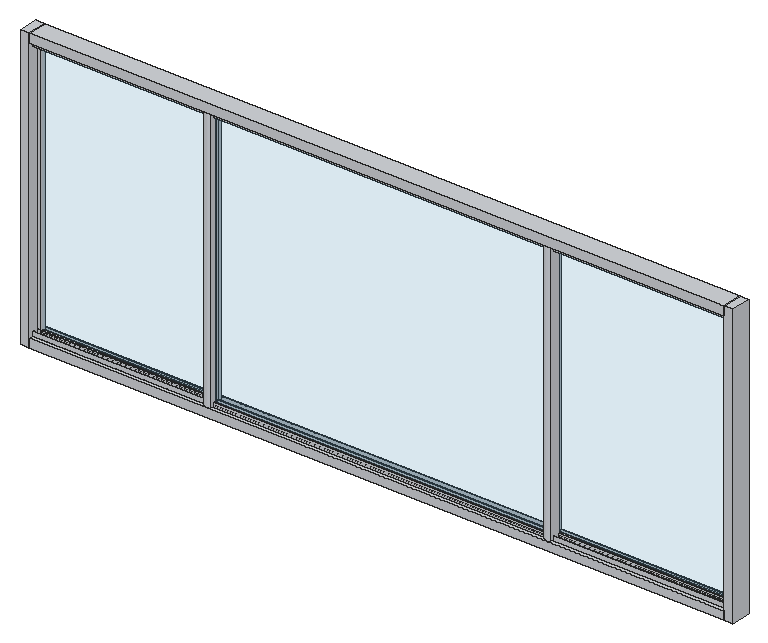
Revit family "View-Max® Commercial Sliding Window_SG&DG- XOX", category Windows, host Wall, Revit 2021
Family settings
  Host = Wall
  OmniClass Number = 23.30.20.00
  OmniClass Title = Windows
  Always vertical = Yes
  Cut with Voids When Loaded = No
  Shared = No
  Room Calculation Point = No
Parameters (values of type "OX/XO")
  YEAR = "2022"  # constant formula
  Width = 0.0000 mm  # constant formula
  URL = "https://www.alspec.com.au/view-max-sliding-window"
  Thickness = 0.0000 mm  # constant formula
  Sliding Panel Width [instance] = 900.0000 mm
  Single Glazed Thickness (6-13.5mm) [instance] = 5.0000 mm
  Single Glazed [instance] = not(Double Glazed)  # no
  Sill Offset 2 [instance] = 15.9930 mm  # constant formula
  Sill Offset [instance] = 6.0000 mm  # constant formula
  Sash Material [instance] = none
  Rough Width = 0.0000 mm  # constant formula
  Rough Height = 0.0000 mm  # constant formula
  Overall Width [instance] = (Sliding Panel Width * 2) + Fixed Panel Width  # 3600.0000 mm
  Offset [instance] = 0.0000 mm
  Meeting 1 = 16.8131 mm  # constant formula
  Overall Height [instance] = 1458.0000 mm
  Model = "View-Max® Commercial Sliding Window_SG&DG- XOX"  # constant formula
  Manufacturer = "ALSPEC"
  Height = 0.0000 mm  # constant formula
  Head Offset 2 [instance] = 84.8025 mm  # constant formula
  Head Offset [instance] = 75.0000 mm  # constant formula
  Glazed Material [instance] = Glass
  Frame Material [instance] = none
  Fixed Panel Width [instance] = Sliding Panel Width * 2  # 1800.0000 mm
  External Frame Thk = 44.5000 mm  # constant formula
  Double Glazed Thickness [instance] = 18.0000 mm
  Double Glazed [instance] = yes
  Define Thermal Properties by = Schematic Type
  Default Sill Height = 720.0000 mm
  Wall Closure = By host
  CREATOR = "Viraj Mhatre"  # constant formula
  COMPANY = "ALSPEC"  # constant formula
  Analytic Construction = "<None>"
  Air Pocket (Double Glazing Only) [instance] = 8.0000 mm  # constant formula
  XOX [instance] = no
Reference planes
  plane 1 "Center (Front/Back)": y = 0
  plane 2 "Center (Left/Right)": x = 0
  plane 3 "Left": x = -1144.394
  plane 4 "Right": x = 2455.606
  plane 5 "Sill": z = 720
  plane 6 "Head": z = 2178
  plane 7 "Exterior": y = -63.542
  plane 8 "Interior": y = -263.542
  plane 9: y = -114.342
  plane 10: z = 35.5
  plane 11: y = 14
  plane 12 "FRAME CENTRE": y = 42
  plane 13: y = -98.593
  plane 14: x = -1144.394
  plane 15: x = 2455.606
  plane 16: x = 2455.606
  plane 17: x = -1188.894
  plane 18: x = 2500.106
  plane 19: z = 2129.999
  plane 20: z = 2110
  plane 21: z = 935.5
  plane 22: z = 516.113
  plane 23: z = 1267
  plane 24: x = -694.394
  plane 25: x = 2005.606
  plane 26: y = -24.342
  plane 27: z = 1522.75
  plane 28: y = -114.342
  plane 29: y = -130.095
  plane 30: x = -1140.894
  plane 31: x = 2452.106
  plane 32: y = -63.542
  plane 33: z = 1247.302
  plane 34: z = 710.141
  plane 35: z = 767.302
  plane 36: x = -244.394
  plane 37: x = 1555.606
  plane 38: x = 1527.106
  plane 39: x = -215.894
Forms (mm)
  Extrusion 1, solid, material <- "Frame Material"
    sketch origin (0, 0, 0) x (1, 0, 0) y (0, 1, 0)
      loop
        line (-1144.394, -63.542) -> (-1188.894, -63.542) -> (-1188.894, -165.142) -> (-1144.394, -165.142) -> (-1144.394, -63.542)
      loop
        line (2500.106, -63.542) -> (2455.606, -63.542) -> (2455.606, -165.142) -> (2500.106, -165.142) -> (2500.106, -63.542)
    from 720 to 2178
  Extrusion 2, solid, material <- "Frame Material"
    sketch origin (-1144.394, 0, 0) x (0, -1, 0) y (0, 0, 1)
      loop
        line (63.494, 2178) -> (63.494, 2133.6) -> (81.794, 2133.6) -> (81.794, 2110) -> (83.594, 2110) -> (83.594, 2129.999) -> (113.494, 2129.999) -> (113.494, 2110) -> (115.094, 2110) -> (115.094, 2129.999) -> (144.994, 2129.999) -> (144.994, 2110) -> (146.794, 2110) -> (146.794, 2133.6) -> (165.094, 2133.6) -> (165.094, 2178) -> (63.494, 2178)
      loop
        line (63.595, 764.4) -> (63.595, 720) -> (165.195, 720) -> (165.195, 764.4) -> (146.695, 764.4) -> (146.695, 787) -> (145.095, 787) -> (145.095, 767.302) -> (115.195, 767.302) -> (115.195, 787) -> (113.595, 787) -> (113.595, 767.302) -> (83.695, 767.302) -> (83.695, 787) -> (82.095, 787) -> (82.095, 764.4) -> (63.595, 764.4)
    from -3600 to 0
Lines and regions (mm)
  Opening 1
    outline origin (3600, -263.542, 75) x (1, 0, 0) y (0, 0, 1)
      loop
        line (-1099.894, 645) -> (-1099.894, 2103) -> (-4788.894, 2103) -> (-4788.894, 645) -> (-1099.894, 645)
  Masking region 1
    outline origin (0, 0, 0) x (1, 0, 0) y (0, 1, 0)
      loop
        line (-1144.394, -63.542) -> (-1188.894, -63.542) -> (-1188.894, -165.142) -> (-1144.394, -165.142) -> (-1144.394, -63.542)
      loop
        line (2500.106, -63.542) -> (2455.606, -63.542) -> (2455.606, -165.142) -> (2500.106, -165.142) -> (2500.106, -63.542)
  Masking region 2
    outline origin (-1144.394, 0, 0) x (0, -1, 0) y (0, 0, 1)
      loop
        line (63.494, 2178) -> (63.494, 2133.6) -> (81.794, 2133.6) -> (81.794, 2110) -> (83.594, 2110) -> (83.594, 2129.999) -> (113.494, 2129.999) -> (113.494, 2110) -> (115.094, 2110) -> (115.094, 2129.999) -> (144.994, 2129.999) -> (144.994, 2110) -> (146.794, 2110) -> (146.794, 2133.6) -> (165.094, 2133.6) -> (165.094, 2178) -> (63.494, 2178)
      loop
        line (63.595, 720) -> (165.195, 720) -> (165.195, 764.4) -> (146.695, 764.4) -> (146.695, 787) -> (145.095, 787) -> (145.095, 767.302) -> (115.195, 767.302) -> (115.195, 787) -> (113.595, 787) -> (113.595, 767.302) -> (83.695, 767.302) -> (83.695, 787.128) -> (82.095, 787.128) -> (82.095, 764.4) -> (63.595, 764.4) -> (63.595, 720)
Text (mm)
  text "EXTERIOR" at (-1886.484, -724.686, 0), in view "Ref. Level"
  text "INTERIOR" at (-1963.203, 1176.318, 0), in view "Ref. Level"
  text "Exterior" at (0, 923.751, 2943.296), in view "Right"
  text "Exterior" at (0, 1040.484, 2685.409), in view "Left"
Dimensions and locks
  "Overall Height": plane 5 "Sill" to plane 6 "Head"
  plane 5 "Sill" to plane 10 = 684.5000 mm
  locked: plane 7 "Exterior" to host wall
  locked: plane 8 "Interior" to host wall
  "Offset": plane 32 to plane 7 "Exterior"
  "External Frame Thk": plane 4 "Right" to plane 18
  locked: plane 26 to plane 9 at 90
  "External Frame Thk": plane 17 to plane 14
  locked: plane 14 to plane 30 at 3.5
  locked: plane 31 to plane 16 at 3.5
  locked: plane 19 to plane 6 "Head" at 48.001
  locked: plane 19 to plane 20 at 19.999
  locked: plane 10 to level at 35.5
  locked: plane 21 to plane 10 at 900
  equal spacing: plane 20, plane 27, plane 21
  "Default Sill Height": plane 5 "Sill" to level
  locked: plane 28 to plane 32 at 50.8
  locked: plane 9 to plane 28
  locked: plane 28 to plane 29 at 15.753
  locked: plane 13 to plane 28 at 15.749
  locked: plane 5 "Sill" to plane 35 at 47.302
  "Sliding Panel Width": plane 14 to plane 36
  "Sliding Panel Width": plane 37 to plane 16
  "Fixed Panel Width": plane 36 to plane 37
  plane 14 to plane 16 = 3600.0000 mm
  equal spacing: plane 14, plane 24, plane 36
  equal spacing: plane 37, plane 25, plane 16
  locked: plane 36 to plane 39 at 28.5
  locked: plane 38 to plane 37 at 28.5
  aligned and locked: Opening 1 sketch curve to plane 6 "Head"
  aligned and locked: plane 14 to plane 3 "Left"
  aligned and locked: plane 15 to plane 4 "Right"
  aligned and locked: plane 17 to Opening 1 sketch curve
  aligned and locked: plane 18 to Opening 1 sketch curve
  aligned and locked: Opening 1 sketch curve to plane 5 "Sill"
  aligned and locked: host wall to level
  aligned and locked: nested 1 to plane 26
  aligned and locked: plane 24 to nested 1
  aligned and locked: plane 25 to nested 2
  aligned and locked: plane 24 to nested 3
  aligned and locked: nested 4 to plane 25
  aligned and locked: nested 3 to plane 27
  aligned and locked: plane 27 to nested 4
  aligned and locked: nested 2 to plane 26
  aligned and locked: plane 16 to plane 4 "Right"
  aligned and locked: Extrusion 1 to plane 6 "Head"
  aligned and locked: plane 3 "Left" to Extrusion 2
  aligned and locked: Extrusion 2 to plane 4 "Right"
  aligned and locked: plane 5 "Sill" to Extrusion 1
  aligned and locked: nested 5 to plane 28
  aligned and locked: plane 17 to nested 5
  aligned and locked: Extrusion 1 sketch curve to nested 5  (x4)
  aligned and locked: Masking region 1 sketch curve to nested 5  (x4)
  aligned and locked: nested 6 to plane 18
  aligned and locked: nested 6 to plane 28
  aligned and locked: Extrusion 1 sketch curve to nested 6  (x4)
  aligned and locked: Masking region 1 sketch curve to nested 6  (x4)
  aligned and locked: nested 7 to plane 13
  aligned and locked: plane 6 "Head" to nested 7
  aligned and locked: Masking region 2 sketch curve to nested 7  (x12)
  aligned and locked: nested 7 to Masking region 2 sketch curve  (x3)
  aligned and locked: Extrusion 2 sketch curve to nested 7  (x12)
  aligned and locked: nested 7 to Extrusion 2 sketch curve  (x3)
  aligned and locked: plane 5 "Sill" to nested 8
  aligned and locked: nested 8 to plane 13
  aligned and locked: Masking region 2 sketch curve to nested 8  (x12)
  aligned and locked: nested 8 to Masking region 2 sketch curve  (x3)
  aligned and locked: Extrusion 2 sketch curve to nested 8  (x12)
  aligned and locked: nested 8 to Extrusion 2 sketch curve  (x4)
  aligned and locked: plane 35 to nested 9
  aligned and locked: plane 19 to nested 9
  aligned and locked: plane 36 to nested 10
  aligned and locked: plane 37 to nested 10
  aligned and locked: plane 31 to nested 11
  aligned and locked: plane 38 to nested 11
  aligned and locked: plane 39 to nested 9
  aligned and locked: plane 30 to nested 9
  aligned and locked: nested 9 to plane 13
  aligned and locked: plane 13 to nested 11
  aligned and locked: nested 10 to plane 29
  aligned and locked: plane 35 to nested 10
  aligned and locked: plane 19 to nested 10
  aligned and locked: nested 11 to plane 19
  aligned and locked: nested 11 to plane 35
  aligned and locked: plane 31 to nested 14
  aligned and locked: plane 38 to nested 14
  aligned and locked: plane 30 to nested 13
  aligned and locked: plane 39 to nested 13
  aligned and locked: plane 36 to nested 12
  aligned and locked: plane 37 to nested 12
  aligned and locked: nested 14 to plane 35
  aligned and locked: plane 35 to nested 13
  aligned and locked: plane 35 to nested 12
  aligned and locked: nested 14 to plane 19
  aligned and locked: plane 19 to nested 13
  aligned and locked: plane 19 to nested 12
  aligned and locked: nested 13 to plane 13
  aligned and locked: plane 13 to nested 14
  aligned and locked: nested 12 to plane 29
Automatic sketch dimensions
  Masking region 2 sketch curve to Masking region 2 sketch curve = 0.0000 mm  (x2)
  Extrusion 2 sketch curve to plane 19 = 0.0000 mm
Nested families
  nested 1: "DETAIL_ARROW2" at (-694.394, -24.342, 0), visible <- "XOX", type "DETAIL_ARROW2"
  nested 2: "DETAIL_ARROW2" at (2005.606, -24.342, 0) x (-1, 0, 0) z (0, 0, 1), visible <- "XOX", type "DETAIL_ARROW2"
  nested 3: "DETAIL_ARROW" at (-694.394, -263.542, 1522.75) x (1, 0, 0) z (0, -1, 0), visible <- "XOX", type "DETAIL_ARROW"
  nested 4: "DETAIL_ARROW" at (2005.606, -263.542, 1522.75) x (-1, 0, 0) z (0, -1, 0), visible <- "XOX", type "DETAIL_ARROW"
  nested 5: "Ext frame ME1 VM75" at (-1188.894, -114.342, 0), type "Ext frame ME1 VM75", detail levels fine
  nested 6: "Ext frame ME1 VM75" at (2500.106, -114.342, 0) x (-1, 0, 0) z (0, 0, 1), type "Ext frame ME1 VM75", detail levels fine
  nested 7: "Ext Head" at (-1144.394, -98.593, 2178) x (0, -1, 0) z (-1, 0, 0), type "Ext Head", detail levels fine
  nested 8: "Ext Sill" at (-1144.394, -98.593, 720) x (0, -1, 0) z (-1, 0, 0), type "Ext Sill", detail levels fine
  nested 9: "Panel 1 VM13 VM3" at (-678.394, -98.593, 767.302), visible <- "Single Glazed", Single Glazing Thickness <- "Single Glazed Thickness (6-13.5mm)", Glazing Material <- "Glazed Material", Sash Material <- "Sash Material", type "SLIDING_GLAZED PANEL"
    with Single Glazing Thickness 5.0000 mm, Sash Width 925.0000 mm, Sash Material none, Sash Height 1362.6977 mm, Glazing Material Glass, Actual SG Thickness (Manufacturer Controlled) 6.0000 mm
  nested 10: "Panel 2 Fixed- VM3 VM3" at (655.606, -130.095, 767.302), visible <- "Single Glazed", type "SLIDING_GLAZED PANEL"
    with Single Glazing Thickness 6.0000 mm, Sash Width 1800.0000 mm, Sash Material none, Sash Height 1362.6977 mm, Glazing Material Glass, Actual SG Thickness (Manufacturer Controlled) 6.0000 mm
  nested 11: "Panel 1 VM13 VM3" at (1989.606, -98.593, 767.302) x (-1, 0, 0) z (0, 0, 1), visible <- "Single Glazed", Single Glazing Thickness <- "Single Glazed Thickness (6-13.5mm)", Glazing Material <- "Glazed Material", Sash Material <- "Sash Material", type "SLIDING_GLAZED PANEL"
    with Single Glazing Thickness 5.0000 mm, Sash Width 925.0000 mm, Sash Material none, Sash Height 1362.6977 mm, Glazing Material Glass, Actual SG Thickness (Manufacturer Controlled) 6.0000 mm
  nested 12: "DG fixed panel 2 VM64 VM64" at (655.606, -130.095, 767.302), visible <- "Double Glazed", Double Glazing Thickness <- "Double Glazed Thickness", Double Glazed <- "Double Glazed", Glazing Material <- "Glazed Material", Sash Material <- "Sash Material", type "DG fixed panel 2 VM64 VM64"
    with Thickness Control 18.0000 mm, Sill Off 108.0000 mm, Sill 120.0000 mm, Sash Width 1800.0000 mm, Sash Material none, Height 1362.6977 mm, Head Off 68.0000 mm, Head 80.0000 mm, Glazing Material Glass, Double Glazing Thickness 18.0000 mm, Double Glazed yes, Air Pocket 8.0000 mm
  nested 13: "panel 1 VM63 VM64" at (-678.394, -98.593, 767.302), visible <- "Double Glazed", Double Glazing Thickness <- "Double Glazed Thickness", Double Glazed <- "Double Glazed", Glazing Material <- "Glazed Material", Sash Material <- "Sash Material", type "panel 1 VM63 VM64"
    with Thickness Control 18.0000 mm, Sill Off 108.0000 mm, Sill 120.0000 mm, Sash Width 925.0000 mm, Sash Material none, Height 1362.6977 mm, Head Off 68.0000 mm, Head 80.0000 mm, Glazing Material Glass, Double Glazing Thickness 18.0000 mm, Double Glazed yes, Air Pocket 8.0000 mm
  nested 14: "panel 1 VM63 VM64" at (1989.606, -98.593, 767.302) x (-1, 0, 0) z (0, 0, 1), visible <- "Double Glazed", Double Glazing Thickness <- "Double Glazed Thickness", Double Glazed <- "Double Glazed", Glazing Material <- "Glazed Material", Sash Material <- "Sash Material", type "panel 1 VM63 VM64"
    with Thickness Control 18.0000 mm, Sill Off 108.0000 mm, Sill 120.0000 mm, Sash Width 925.0000 mm, Sash Material none, Height 1362.6977 mm, Head Off 68.0000 mm, Head 80.0000 mm, Glazing Material Glass, Double Glazing Thickness 18.0000 mm, Double Glazed yes, Air Pocket 8.0000 mm
Definition of nested family "Panel 1 VM13 VM3"
  Parameters (values of type "SLIDING_GLAZED PANEL")
    YEAR = "2022"  # constant formula
    Width = 0.0000 mm  # constant formula
    Thickness = 0.0000 mm  # constant formula
    TODAYS DATE = "30/5/2022"  # constant formula
    Single Glazing Thickness [instance] = 6.0000 mm
    Sash Width [instance] = 1080.6423 mm
    Sash Material [instance] = none
    Sash Height [instance] = 1200.0000 mm
    Rough Width = 0.0000 mm  # constant formula
    Rough Height = 0.0000 mm  # constant formula
    JAMP WIDTH = 70.5049 mm  # constant formula
    Height = 0.0000 mm  # constant formula
    HEAD_JAMP HEIGHT = 80.0000 mm  # constant formula
    Glazing Material [instance] = none
    Define Thermal Properties by = 1
    Default Elevation = 1219.2000 mm
    CREATOR = "Viraj Mhatre"  # constant formula
    COMPANY = "ALSPEC"  # constant formula
    BOTTOM_JAMP HEIGHT = 120.0000 mm  # constant formula
    Analytic Construction = "<None>"
    Actual SG Thickness (Manufacturer Controlled) [instance] = if(Single Glazing Thickness > 13.5000 mm, 13.5000 mm, if(Single Glazing Thickness < 6.0000 mm, 6.0000 mm, Single Glazing Thickness))  # 6.0000 mm
  Reference planes
    plane 1 "Center (Front/Back)": y = 0
    plane 2: z = 0
    plane 3 "Center (Left/Right)": x = 0
    plane 4: x = -540.321
    plane 5: x = 540.321
    plane 6: x = -522.321
    plane 7: x = 522.321
    plane 8: z = 1200
    plane 9: z = 1180.174
    plane 10: z = 20.026
    plane 11: z = 810
    plane 12: x = -512.409
    plane 13: x = 512.407
    plane 14: z = 9.951
    plane 15: z = 1190.149
    plane 16: y = 22.5
    plane 17: y = 39.7
    plane 18: y = 3
    plane 19: y = -3
  Forms (mm)
    Extrusion 1, solid, material <- "Glazing Material"
      sketch origin (0, 0, 0) x (1, 0, 0) y (0, 1, 0)
        loop
          line (-522.321, 3) -> (-522.321, -3) -> (522.321, -3) -> (522.321, 3) -> (-522.321, 3)
      from 9.951 to 1190.149
    Extrusion 2, solid, material <- "Sash Material"
      sketch origin (0, 0, 0) x (1, 0, 0) y (0, 1, 0)
        loop
          line (-522.321, 13.505) -> (-540.321, 13.505) -> (-540.321, -13.395) -> (-522.321, -13.395) -> (-522.321, 13.505)
        loop
          line (522.321, 13.505) -> (522.321, -13.395) -> (540.321, -13.395) -> (540.321, 13.505) -> (522.321, 13.505)
      from 0 to 1200
    Extrusion 3, solid, material <- "Sash Material"
      sketch origin (0, 0, 0) x (0, 1, 0) y (0, 0, 1)
        loop
          line (8.029, 1200) -> (-8.12, 1200) -> (-13.595, 1194.524) -> (-13.595, 1179.974) -> (-6.195, 1179.974) -> (-6.195, 1188.074) -> (-11.995, 1188.074) -> (-11.995, 1192.73) -> (-6.325, 1192.73) -> (-6.325, 1198.4) -> (6.235, 1198.4) -> (6.235, 1192.73) -> (11.905, 1192.73) -> (11.905, 1188.074) -> (6.105, 1188.074) -> (6.105, 1179.974) -> (13.505, 1179.974) -> (13.505, 1194.524) -> (8.029, 1200)
        loop
          line (-8.029, 0) -> (8.12, 0) -> (13.595, 5.476) -> (13.595, 20.026) -> (6.195, 20.026) -> (6.195, 11.926) -> (11.995, 11.926) -> (11.995, 7.27) -> (6.325, 7.27) -> (6.325, 1.6) -> (-6.235, 1.6) -> (-6.235, 7.27) -> (-11.905, 7.27) -> (-11.905, 11.926) -> (-6.105, 11.926) -> (-6.105, 20.026) -> (-13.505, 20.026) -> (-13.505, 5.476) -> (-8.029, 0)
      from -522.321 to 522.321
  Lines and regions (mm)
    Masking region 1
      outline origin (0, 0, 0) x (0, 1, 0) y (0, 0, 1)
        loop
          line (8.029, 1200) -> (-8.12, 1200) -> (-13.595, 1194.524) -> (-13.595, 1179.974) -> (-6.195, 1179.974) -> (-6.195, 1188.074) -> (-11.995, 1188.074) -> (-11.995, 1192.73) -> (-6.325, 1192.73) -> (-6.325, 1198.4) -> (6.235, 1198.4) -> (6.235, 1192.73) -> (11.905, 1192.73) -> (11.905, 1188.074) -> (6.105, 1188.074) -> (6.105, 1179.974) -> (13.505, 1179.974) -> (13.505, 1194.524) -> (8.029, 1200)
        loop
          line (-8.029, 0) -> (8.12, 0) -> (13.595, 5.476) -> (13.595, 20.026) -> (6.195, 20.026) -> (6.195, 11.926) -> (11.995, 11.926) -> (11.995, 7.27) -> (6.325, 7.27) -> (6.325, 1.6) -> (-6.235, 1.6) -> (-6.235, 7.27) -> (-11.905, 7.27) -> (-11.905, 11.926) -> (-6.105, 11.926) -> (-6.105, 20.026) -> (-13.505, 20.026) -> (-13.505, 5.476) -> (-8.029, 0)
    Masking region 2
      outline origin (0, 0, 0) x (1, 0, 0) y (0, 1, 0)
        loop
          line (-540.321, -13.395) -> (-522.321, -13.395) -> (-522.321, 13.505) -> (-540.321, 13.505) -> (-540.321, -13.395)
        loop
          line (522.321, 13.505) -> (522.321, -13.395) -> (540.321, -13.395) -> (540.321, 13.505) -> (522.321, 13.505)
  Dimensions and locks
    equal spacing: plane 4, plane 3 "Center (Left/Right)", plane 5
    "Sash Width": plane 4 to plane 5
    "Sash Height": plane 8 to plane 2
    locked: plane 16 to plane 1 "Center (Front/Back)" at 22.5
    locked: plane 17 to plane 16 at 17.2
    equal spacing: plane 18, plane 1 "Center (Front/Back)", plane 19
    "Actual SG Thickness (Manufacturer Controlled)": plane 18 to plane 19
    plane 11 to level = 810.0000 mm
    locked: plane 4 to plane 6 at 18
    locked: plane 6 to plane 12 at 9.912
    locked: plane 13 to plane 7 at 9.914
    locked: plane 7 to plane 5 at 18
    locked: plane 8 to plane 15 at 9.851
    locked: plane 15 to plane 9 at 9.976
    locked: plane 10 to plane 14 at 10.076
    locked: plane 14 to level at 9.951
    aligned and locked: level to plane 2
    aligned and locked: Extrusion 1 sketch curve to plane 18
    aligned and locked: Extrusion 1 sketch curve to plane 19
    aligned and locked: Extrusion 1 to plane 6
    aligned and locked: plane 7 to Extrusion 1
    aligned and locked: plane 15 to Extrusion 1
    aligned and locked: Extrusion 1 to plane 14
    aligned and locked: plane 8 to Extrusion 2
    aligned and locked: Extrusion 2 to level
    aligned and locked: plane 12 to nested 1
    aligned and locked: plane 13 to nested 2
    aligned and locked: plane 1 "Center (Front/Back)" to nested 1
    aligned and locked: plane 1 "Center (Front/Back)" to nested 2
    aligned and locked: Masking region 2 sketch curve to nested 1  (x2)
    aligned and locked: nested 1 to Masking region 2 sketch curve
    aligned and locked: Masking region 2 sketch curve to plane 6
    aligned and locked: Extrusion 2 sketch curve to nested 1  (x2)
    aligned and locked: nested 1 to Extrusion 2 sketch curve  (x2)
    aligned and locked: Masking region 2 sketch curve to nested 2  (x2)
    aligned and locked: nested 2 to Masking region 2 sketch curve
    aligned and locked: Masking region 2 sketch curve to plane 7
    aligned and locked: Extrusion 2 sketch curve to nested 2  (x2)
    aligned and locked: nested 2 to Extrusion 2 sketch curve
    aligned and locked: Extrusion 2 sketch curve to plane 7
    aligned and locked: nested 3 to level
    aligned and locked: plane 1 "Center (Front/Back)" to nested 3
    aligned and locked: plane 8 to nested 4
    aligned and locked: nested 4 to plane 1 "Center (Front/Back)"
    aligned and locked: Masking region 1 sketch curve to nested 4  (x18)
    aligned and locked: Extrusion 3 sketch curve to nested 4  (x18)
    aligned and locked: Masking region 1 sketch curve to nested 3  (x18)
    aligned and locked: Extrusion 3 sketch curve to nested 3  (x18)
    aligned and locked: plane 7 to Extrusion 3
    aligned and locked: Extrusion 3 to plane 6
  Automatic sketch dimensions
    Extrusion 1 sketch curve to plane 12 = 9.9120 mm
    Extrusion 1 sketch curve to Extrusion 1 sketch curve = 1044.6423 mm
    Masking region 1 sketch curve to plane 8 = 0.0000 mm
    plane 15 to Masking region 1 sketch curve = 4.3750 mm
    Masking region 1 sketch curve to plane 19 = 10.5954 mm
    Masking region 1 sketch curve to Masking region 1 sketch curve = 1.6000 mm  (x4)
    Masking region 1 sketch curve to plane 19 = 5.1198 mm
    Masking region 1 sketch curve to Masking region 1 sketch curve = 1.7944 mm  (x5)
    Masking region 1 sketch curve to plane 19 = 3.1954 mm
    plane 18 to Masking region 1 sketch curve = 3.1046 mm
    plane 18 to Masking region 1 sketch curve = 3.2346 mm
    Masking region 1 sketch curve to plane 8 = 1.6000 mm
    Masking region 1 sketch curve to plane 15 = 2.0758 mm  (x2)
    Masking region 1 sketch curve to Masking region 1 sketch curve = 5.8000 mm  (x2)
    Masking region 1 sketch curve to plane 9 = 0.2000 mm  (x2)
    plane 15 to Masking region 1 sketch curve = 2.5807 mm  (x2)
    Extrusion 3 sketch curve to plane 8 = 0.0000 mm
    Extrusion 3 sketch curve to plane 19 = 10.5954 mm
    plane 15 to Extrusion 3 sketch curve = 4.3750 mm
    Extrusion 3 sketch curve to plane 15 = 2.0758 mm  (x2)
    Extrusion 3 sketch curve to Extrusion 3 sketch curve = 1.6000 mm  (x4)
    Extrusion 3 sketch curve to Extrusion 3 sketch curve = 1.7944 mm  (x5)
    Extrusion 3 sketch curve to plane 19 = 3.3254 mm
    Extrusion 3 sketch curve to plane 19 = 3.1954 mm
    Extrusion 3 sketch curve to plane 9 = 0.2000 mm  (x2)
    plane 18 to Extrusion 3 sketch curve = 3.1046 mm
    plane 18 to Extrusion 3 sketch curve = 3.2346 mm
    Extrusion 3 sketch curve to plane 8 = 1.6000 mm
    Extrusion 3 sketch curve to Extrusion 3 sketch curve = 5.8000 mm  (x2)
    plane 15 to Extrusion 3 sketch curve = 2.5807 mm  (x2)
    Masking region 1 sketch curve to level = 0.0000 mm
    Masking region 1 sketch curve to plane 10 = 0.0000 mm  (x2)
    Masking region 1 sketch curve to plane 14 = 4.4750 mm  (x2)
    Masking region 1 sketch curve to plane 19 = 10.5046 mm
    Masking region 1 sketch curve to plane 19 = 5.0290 mm
    Masking region 1 sketch curve to plane 19 = 3.1046 mm
    plane 18 to Masking region 1 sketch curve = 3.1954 mm
    plane 18 to Masking region 1 sketch curve = 3.3254 mm
    plane 14 to Masking region 1 sketch curve = 1.9758 mm  (x2)
    level to Masking region 1 sketch curve = 1.6000 mm
    Masking region 1 sketch curve to plane 14 = 2.6807 mm  (x2)
    Extrusion 3 sketch curve to plane 10 = 0.0000 mm  (x2)
    Extrusion 3 sketch curve to level = 0.0000 mm
    Extrusion 3 sketch curve to plane 14 = 4.4750 mm  (x2)
    Extrusion 3 sketch curve to plane 19 = 10.5046 mm
    Extrusion 3 sketch curve to plane 19 = 5.0290 mm
    Extrusion 3 sketch curve to plane 19 = 3.1046 mm
    plane 18 to Extrusion 3 sketch curve = 3.1954 mm
    plane 18 to Extrusion 3 sketch curve = 3.3254 mm
    plane 14 to Extrusion 3 sketch curve = 1.9758 mm  (x2)
    level to Extrusion 3 sketch curve = 1.6000 mm
    Extrusion 3 sketch curve to plane 14 = 2.6807 mm  (x2)
  Nested families
    nested 1: "VM13" at (-512.409, 0, 0), type "VM13", detail levels fine
    nested 2: "VM3" at (512.407, 0, 0), type "VM3", detail levels fine
    nested 3: "VM1" at (0, 0, 20.026) x (0, -1, 0) z (1, 0, 0), type "VM1", detail levels fine
    nested 4: "VM1" at (0, 0, 1179.974) x (0, 1, 0) z (1, 0, 0), type "VM1", detail levels fine
  Definition of nested family "VM13"
    Reference planes
      plane 1 "Center (Front/Back)": y = 0
      plane 2: z = 0
      plane 3 "Center (Left/Right)": x = 0
      plane 4: x = -27.912
      plane 5: x = -9.912
    Dimensions and locks
      aligned and locked: import instance to plane 1 "Center (Front/Back)"
      aligned and locked: plane 3 "Center (Left/Right)" to import instance
      aligned and locked: plane 4 to import instance
      aligned and locked: plane 5 to import instance
  Definition of nested family "VM3"
    Reference planes
      plane 1 "Center (Front/Back)": y = 0
      plane 2: z = 0
      plane 3 "Center (Left/Right)": x = 0
      plane 4: x = 27.914
      plane 5: x = 9.914
    Dimensions and locks
      aligned and locked: plane 1 "Center (Front/Back)" to import instance
      aligned and locked: plane 3 "Center (Left/Right)" to import instance
      aligned and locked: plane 5 to import instance
      aligned and locked: plane 4 to import instance
  Definition of nested family "VM1"
    Reference planes
      plane 1 "Center (Front/Back)": y = 0
      plane 2: z = 0
      plane 3 "Center (Left/Right)": x = 0
      plane 4: y = 20.026
      plane 5: y = 10.076
    Dimensions and locks
      aligned and locked: plane 1 "Center (Front/Back)" to import instance
      aligned and locked: plane 3 "Center (Left/Right)" to import instance
      aligned and locked: plane 5 to import instance
      aligned and locked: plane 4 to import instance
Definition of nested family "Panel 2 Fixed- VM3 VM3"
  Parameters (values of type "SLIDING_GLAZED PANEL")
    YEAR = "2022"  # constant formula
    Width = 0.0000 mm  # constant formula
    Thickness = 0.0000 mm  # constant formula
    TODAYS DATE = "30/5/2022"  # constant formula
    Single Glazing Thickness [instance] = 6.0000 mm
    Sash Width [instance] = 1127.8380 mm
    Sash Material [instance] = none
    Sash Height [instance] = 1200.0000 mm
    Rough Width = 0.0000 mm  # constant formula
    Rough Height = 0.0000 mm  # constant formula
    JAMP WIDTH = 70.5049 mm  # constant formula
    Height = 0.0000 mm  # constant formula
    HEAD_JAMP HEIGHT = 80.0000 mm  # constant formula
    Glazing Material [instance] = none
    Define Thermal Properties by = 1
    Default Elevation = 1219.2000 mm
    CREATOR = "Viraj Mhatre"  # constant formula
    COMPANY = "ALSPEC"  # constant formula
    BOTTOM_JAMP HEIGHT = 120.0000 mm  # constant formula
    Analytic Construction = "<None>"
    Actual SG Thickness (Manufacturer Controlled) [instance] = if(Single Glazing Thickness > 13.5000 mm, 13.5000 mm, if(Single Glazing Thickness < 6.0000 mm, 6.0000 mm, Single Glazing Thickness))  # 6.0000 mm
  Reference planes
    plane 1 "Center (Front/Back)": y = 0
    plane 2: z = 0
    plane 3 "Center (Left/Right)": x = 0
    plane 4: x = -563.919
    plane 5: x = 563.919
    plane 6: x = -534.119
    plane 7: x = 534.121
    plane 8: z = 1200
    plane 9: z = 1180.174
    plane 10: z = 20.026
    plane 11: z = 810
    plane 12: x = -524.207
    plane 13: x = 524.207
    plane 14: z = 9.951
    plane 15: z = 1190.149
    plane 16: y = 22.5
    plane 17: y = 39.7
    plane 18: y = 3
    plane 19: y = -3
  Forms (mm)
    Extrusion 1, solid, material <- "Glazing Material"
      sketch origin (0, 0, 0) x (1, 0, 0) y (0, 1, 0)
        loop
          line (-534.119, 3) -> (-534.119, -3) -> (534.121, -3) -> (534.121, 3) -> (-534.119, 3)
      from 9.951 to 1190.149
    Extrusion 2, solid, material <- "Sash Material"
      sketch origin (0, 0, 0) x (1, 0, 0) y (0, 1, 0)
        loop
          line (534.835, 5.197) -> (534.835, -5.197) -> (524.207, -5.197) -> (524.207, -29.753)
          arc (524.207, -29.753) -> (544.063, -35.053) -> (563.919, -29.753) r 39.844
          line (563.919, -29.753) -> (563.919, 20.005) -> (552.611, 20.005) -> (552.611, 16.347) -> (524.207, 16.347) -> (524.207, 5.197) -> (534.835, 5.197)
        loop
          line (-534.835, 5.197) -> (-524.207, 5.197) -> (-524.207, 16.347) -> (-552.611, 16.347) -> (-552.611, 20.005) -> (-563.919, 20.005) -> (-563.919, -29.753)
          arc (-563.919, -29.753) -> (-544.063, -35.053) -> (-524.207, -29.753) r 39.844
          line (-524.207, -29.753) -> (-524.207, -5.197) -> (-534.835, -5.197) -> (-534.835, 5.197)
      from 0 to 1200
    Extrusion 3, solid, material <- "Sash Material"
      sketch origin (0, 0, 0) x (0, 1, 0) y (0, 0, 1)
        loop
          line (8.029, 1200) -> (-8.12, 1200) -> (-13.595, 1194.524) -> (-13.595, 1179.974) -> (-6.195, 1179.974) -> (-6.195, 1188.074) -> (-11.995, 1188.074) -> (-11.995, 1192.73) -> (-6.325, 1192.73) -> (-6.325, 1198.4) -> (6.235, 1198.4) -> (6.235, 1192.73) -> (11.905, 1192.73) -> (11.905, 1188.074) -> (6.105, 1188.074) -> (6.105, 1179.974) -> (13.505, 1179.974) -> (13.505, 1194.524) -> (8.029, 1200)
        loop
          line (-8.029, 0) -> (8.12, 0) -> (13.595, 5.476) -> (13.595, 20.026) -> (6.195, 20.026) -> (6.195, 11.926) -> (11.995, 11.926) -> (11.995, 7.27) -> (6.325, 7.27) -> (6.325, 1.6) -> (-6.235, 1.6) -> (-6.235, 7.27) -> (-11.905, 7.27) -> (-11.905, 11.926) -> (-6.105, 11.926) -> (-6.105, 20.026) -> (-13.505, 20.026) -> (-13.505, 5.476) -> (-8.029, 0)
      from -534.119 to 534.121
  Lines and regions (mm)
    Masking region 1
      outline origin (0, 0, 0) x (0, 1, 0) y (0, 0, 1)
        loop
          line (8.029, 1200) -> (-8.12, 1200) -> (-13.595, 1194.524) -> (-13.595, 1179.974) -> (-6.195, 1179.974) -> (-6.195, 1188.074) -> (-11.995, 1188.074) -> (-11.995, 1192.73) -> (-6.325, 1192.73) -> (-6.325, 1198.4) -> (6.235, 1198.4) -> (6.235, 1192.73) -> (11.905, 1192.73) -> (11.905, 1188.074) -> (6.105, 1188.074) -> (6.105, 1179.974) -> (13.505, 1179.974) -> (13.505, 1194.524) -> (8.029, 1200)
        loop
          line (-8.029, 0) -> (8.12, 0) -> (13.595, 5.476) -> (13.595, 20.026) -> (6.195, 20.026) -> (6.195, 11.926) -> (11.995, 11.926) -> (11.995, 7.27) -> (6.325, 7.27) -> (6.325, 1.6) -> (-6.235, 1.6) -> (-6.235, 7.27) -> (-11.905, 7.27) -> (-11.905, 11.926) -> (-6.105, 11.926) -> (-6.105, 20.026) -> (-13.505, 20.026) -> (-13.505, 5.476) -> (-8.029, 0)
    Masking region 2
      outline origin (0, 0, 0) x (1, 0, 0) y (0, 1, 0)
        loop
          line (-534.835, 5.197) -> (-524.207, 5.197) -> (-524.207, 16.347) -> (-552.611, 16.347) -> (-552.611, 20.005) -> (-563.919, 20.005) -> (-563.919, -29.753)
          arc (-563.919, -29.753) -> (-544.063, -35.053) -> (-524.207, -29.753) r 39.844
          line (-524.207, -29.753) -> (-524.207, -5.197) -> (-534.835, -5.197) -> (-534.835, 5.197)
        loop
          line (534.835, 5.197) -> (534.835, -5.197) -> (524.207, -5.197) -> (524.207, -29.753)
          arc (524.207, -29.753) -> (544.063, -35.053) -> (563.919, -29.753) r 39.844
          line (563.919, -29.753) -> (563.919, 20.005) -> (552.611, 20.005) -> (552.611, 16.347) -> (524.207, 16.347) -> (524.207, 5.197) -> (534.835, 5.197)
  Dimensions and locks
    equal spacing: plane 4, plane 3 "Center (Left/Right)", plane 5
    "Sash Width": plane 4 to plane 5
    "Sash Height": plane 8 to plane 2
    locked: plane 16 to plane 1 "Center (Front/Back)" at 22.5
    locked: plane 17 to plane 16 at 17.2
    equal spacing: plane 18, plane 1 "Center (Front/Back)", plane 19
    "Actual SG Thickness (Manufacturer Controlled)": plane 18 to plane 19
    plane 11 to level = 810.0000 mm
    locked: plane 4 to plane 6 at 29.8
    locked: plane 6 to plane 12 at 9.912
    locked: plane 13 to plane 7 at 9.914
    locked: plane 7 to plane 5 at 29.798
    locked: plane 8 to plane 15 at 9.851
    locked: plane 15 to plane 9 at 9.976
    locked: plane 10 to plane 14 at 10.076
    locked: plane 14 to level at 9.951
    aligned and locked: level to plane 2
    aligned and locked: Extrusion 1 sketch curve to plane 18
    aligned and locked: Extrusion 1 sketch curve to plane 19
    aligned and locked: Extrusion 1 to plane 6
    aligned and locked: plane 7 to Extrusion 1
    aligned and locked: plane 15 to Extrusion 1
    aligned and locked: Extrusion 1 to plane 14
    aligned and locked: plane 8 to Extrusion 2
    aligned and locked: Extrusion 2 to level
    aligned and locked: nested 1 to level
    aligned and locked: plane 1 "Center (Front/Back)" to nested 1
    aligned and locked: plane 8 to nested 2
    aligned and locked: nested 2 to plane 1 "Center (Front/Back)"
    aligned and locked: Masking region 1 sketch curve to nested 2  (x18)
    aligned and locked: Extrusion 3 sketch curve to nested 2  (x18)
    aligned and locked: Masking region 1 sketch curve to nested 1  (x18)
    aligned and locked: Extrusion 3 sketch curve to nested 1  (x18)
    aligned and locked: plane 7 to Extrusion 3
    aligned and locked: Extrusion 3 to plane 6
    aligned and locked: plane 1 "Center (Front/Back)" to nested 3
    aligned and locked: plane 12 to nested 3
    aligned and locked: plane 13 to nested 4
    aligned and locked: nested 4 to plane 1 "Center (Front/Back)"
    aligned and locked: Masking region 2 sketch curve to nested 3  (x10)
    aligned and locked: Masking region 2 sketch curve to nested 4  (x10)
    aligned and locked: Extrusion 2 sketch curve to nested 4  (x10)
    aligned and locked: Extrusion 2 sketch curve to nested 3  (x10)
  Automatic sketch dimensions
    Extrusion 1 sketch curve to plane 12 = 9.9120 mm
    Extrusion 1 sketch curve to Extrusion 1 sketch curve = 1068.2401 mm
    Masking region 1 sketch curve to plane 8 = 0.0000 mm
    plane 15 to Masking region 1 sketch curve = 4.3750 mm
    Masking region 1 sketch curve to plane 19 = 10.5954 mm
    Masking region 1 sketch curve to Masking region 1 sketch curve = 1.6000 mm  (x4)
    Masking region 1 sketch curve to plane 19 = 5.1198 mm
    Masking region 1 sketch curve to Masking region 1 sketch curve = 1.7944 mm  (x5)
    Masking region 1 sketch curve to plane 19 = 3.1954 mm
    plane 18 to Masking region 1 sketch curve = 3.1046 mm
    plane 18 to Masking region 1 sketch curve = 3.2346 mm
    Masking region 1 sketch curve to plane 8 = 1.6000 mm
    Masking region 1 sketch curve to plane 15 = 2.0758 mm  (x2)
    Masking region 1 sketch curve to Masking region 1 sketch curve = 5.8000 mm  (x2)
    Masking region 1 sketch curve to plane 9 = 0.2000 mm  (x2)
    plane 15 to Masking region 1 sketch curve = 2.5807 mm  (x2)
    Extrusion 3 sketch curve to plane 8 = 0.0000 mm
    Extrusion 3 sketch curve to plane 19 = 10.5954 mm
    plane 15 to Extrusion 3 sketch curve = 4.3750 mm
    Extrusion 3 sketch curve to plane 15 = 2.0758 mm  (x2)
    Extrusion 3 sketch curve to Extrusion 3 sketch curve = 1.6000 mm  (x4)
    Extrusion 3 sketch curve to Extrusion 3 sketch curve = 1.7944 mm  (x5)
    Extrusion 3 sketch curve to plane 19 = 3.3254 mm
    Extrusion 3 sketch curve to plane 19 = 3.1954 mm
    Extrusion 3 sketch curve to plane 9 = 0.2000 mm  (x2)
    plane 18 to Extrusion 3 sketch curve = 3.1046 mm
    plane 18 to Extrusion 3 sketch curve = 3.2346 mm
    Extrusion 3 sketch curve to plane 8 = 1.6000 mm
    Extrusion 3 sketch curve to Extrusion 3 sketch curve = 5.8000 mm  (x2)
    plane 15 to Extrusion 3 sketch curve = 2.5807 mm  (x2)
    Masking region 1 sketch curve to level = 0.0000 mm
    Masking region 1 sketch curve to plane 10 = 0.0000 mm  (x2)
    Masking region 1 sketch curve to plane 14 = 4.4750 mm  (x2)
    Masking region 1 sketch curve to plane 19 = 10.5046 mm
    Masking region 1 sketch curve to plane 19 = 5.0290 mm
    Masking region 1 sketch curve to plane 19 = 3.1046 mm
    plane 18 to Masking region 1 sketch curve = 3.1954 mm
    plane 18 to Masking region 1 sketch curve = 3.3254 mm
    plane 14 to Masking region 1 sketch curve = 1.9758 mm  (x2)
    level to Masking region 1 sketch curve = 1.6000 mm
    Masking region 1 sketch curve to plane 14 = 2.6807 mm  (x2)
    Extrusion 3 sketch curve to plane 10 = 0.0000 mm  (x2)
    Extrusion 3 sketch curve to level = 0.0000 mm
    Extrusion 3 sketch curve to plane 14 = 4.4750 mm  (x2)
    Extrusion 3 sketch curve to plane 19 = 10.5046 mm
    Extrusion 3 sketch curve to plane 19 = 5.0290 mm
    Extrusion 3 sketch curve to plane 19 = 3.1046 mm
    plane 18 to Extrusion 3 sketch curve = 3.1954 mm
    plane 18 to Extrusion 3 sketch curve = 3.3254 mm
    plane 14 to Extrusion 3 sketch curve = 1.9758 mm  (x2)
    level to Extrusion 3 sketch curve = 1.6000 mm
    Extrusion 3 sketch curve to plane 14 = 2.6807 mm  (x2)
    Masking region 2 sketch curve to plane 4 = 0.0000 mm
    Masking region 2 sketch curve to plane 12 = 0.0000 mm  (x2)
    Masking region 2 sketch curve to plane 16 = 2.4954 mm  (x2)
    plane 4 to Masking region 2 sketch curve = 11.3079 mm
    Masking region 2 sketch curve to plane 6 = 0.7155 mm
    Masking region 2 sketch curve to plane 19 = 2.1972 mm  (x2)
    plane 18 to Masking region 2 sketch curve = 2.1972 mm  (x2)
    Masking region 2 sketch curve to plane 16 = 6.1530 mm  (x2)
    Masking region 2 sketch curve to plane 13 = 0.0000 mm  (x2)
    Masking region 2 sketch curve to plane 5 = 0.0000 mm
    plane 7 to Masking region 2 sketch curve = 0.7135 mm
    Masking region 2 sketch curve to plane 5 = 11.3079 mm
    Extrusion 2 sketch curve to plane 13 = 0.0000 mm  (x2)
    Extrusion 2 sketch curve to plane 5 = 0.0000 mm
    plane 7 to Extrusion 2 sketch curve = 0.7135 mm
    Extrusion 2 sketch curve to plane 5 = 11.3079 mm
    Extrusion 2 sketch curve to plane 19 = 2.1972 mm  (x2)
    plane 18 to Extrusion 2 sketch curve = 2.1972 mm  (x2)
    Extrusion 2 sketch curve to plane 16 = 6.1530 mm  (x2)
    Extrusion 2 sketch curve to plane 16 = 2.4954 mm  (x2)
    Extrusion 2 sketch curve to plane 4 = 0.0000 mm
    Extrusion 2 sketch curve to plane 12 = 0.0000 mm  (x2)
    plane 4 to Extrusion 2 sketch curve = 11.3079 mm
    Extrusion 2 sketch curve to plane 6 = 0.7155 mm
  Nested families
    nested 1: "VM1" at (0, 0, 20.026) x (0, -1, 0) z (1, 0, 0), type "VM1", detail levels fine
    nested 2: "VM1" at (0, 0, 1179.974) x (0, 1, 0) z (1, 0, 0), type "VM1", detail levels fine
    nested 3: "VM3 x2 length" at (-524.207, 0, 0), type "VM3 x2 length", detail levels fine
    nested 4: "VM3 x2 length" at (524.207, 0, 0) x (-1, 0, 0) z (0, 0, 1), type "VM3 x2 length", detail levels fine
  Definition of nested family "VM1"
    Reference planes
      plane 1 "Center (Front/Back)": y = 0
      plane 2: z = 0
      plane 3 "Center (Left/Right)": x = 0
      plane 4: y = 20.026
      plane 5: y = 10.076
    Dimensions and locks
      aligned and locked: plane 1 "Center (Front/Back)" to import instance
      aligned and locked: plane 3 "Center (Left/Right)" to import instance
      aligned and locked: plane 5 to import instance
      aligned and locked: plane 4 to import instance
  Definition of nested family "VM3 x2 length"
    Reference planes
      plane 1 "Center (Front/Back)": y = 0
      plane 2: z = 0
      plane 3 "Center (Left/Right)": x = 0
      plane 4: x = -39.712
      plane 5: x = -10.628
    Dimensions and locks
      aligned and locked: import instance to plane 1 "Center (Front/Back)"
      aligned and locked: import instance to plane 3 "Center (Left/Right)"
      aligned and locked: plane 4 to import instance
      aligned and locked: plane 5 to import instance
Definition of nested family "DG fixed panel 2 VM64 VM64"
  Parameters (values of type "DG fixed panel 2 VM64 VM64")
    YEAR = "2022"  # constant formula
    Width = 0.0000 mm  # constant formula
    Thickness Control [instance] = if(Double Glazing Thickness > 28.0000 mm, 28.0000 mm, if(Double Glazing Thickness < 18.0000 mm, 18.0000 mm, Double Glazing Thickness))  # 18.0000 mm
    Thickness = 0.0000 mm  # constant formula
    TODAYS DATE = "30/05/2022"  # constant formula
    Sill Off [instance] = 108.0000 mm  # constant formula
    Sill [instance] = 120.0000 mm  # constant formula
    Sash Width [instance] = 947.1697 mm
    Sash Material [instance] = none
    Rough Width = 0.0000 mm  # constant formula
    Rough Height = 0.0000 mm  # constant formula
    Off DG Head and Sill = 12.0000 mm  # constant formula
    Height [instance] = 1200.0000 mm
    Head Off [instance] = 68.0000 mm  # constant formula
    Head & Sill DG Depth = 93.0000 mm  # constant formula
    Head [instance] = 80.0000 mm  # constant formula
    Glazing Material [instance] = none
    Double Glazing Thickness [instance] = 18.0000 mm
    Double Glazed [instance] = no
    Define Thermal Properties by = 1
    Default Elevation = 1219.2000 mm
    DG Off = 11.0000 mm  # constant formula
    DG Jamb Width = 75.0000 mm  # constant formula
    CREATOR = "Viraj Mhatre"  # constant formula
    COMPANY = "ALSPEC"  # constant formula
    Analytic Construction = "<None>"
    Air Pocket [instance] = 8.0000 mm  # constant formula
  Reference planes
    plane 1 "Center (Front/Back)": y = 0
    plane 2: z = 0
    plane 3 "Center (Left/Right)": x = 0
    plane 4: x = -473.585
    plane 5: x = 433.873
    plane 6: x = -444.985
    plane 7: x = 444.987
    plane 8: z = 1200
    plane 9: z = 1180.174
    plane 10: z = 19.826
    plane 11: z = 900
    plane 12: x = -433.873
    plane 13: x = 473.585
    plane 14: z = 8.65
    plane 15: z = 1191.35
    plane 16: y = 9
    plane 17: y = 4
    plane 18: y = -4
    plane 19: y = -9
  Forms (mm)
    Extrusion 1, solid, material <- "Glazing Material"
      sketch origin (0, 0, 0) x (1, 0, 0) y (0, 1, 0)
        loop
          line (-444.985, 9) -> (-444.985, 4) -> (444.987, 4) -> (444.987, 9) -> (-444.985, 9)
        loop
          line (-444.985, -4) -> (-444.985, -9) -> (444.987, -9) -> (444.987, -4) -> (-444.985, -4)
      from 8.65 to 1191.35
    Extrusion 2, solid, material <- "Sash Material"
      sketch origin (0, 0, 0) x (1, 0, 0) y (0, 1, 0)
        loop
          line (473.585, -29.753) -> (473.585, 20.005) -> (462.277, 20.005) -> (462.277, 16.347) -> (433.873, 16.347) -> (433.873, 9.415) -> (447.084, 9.415) -> (447.084, -9.415) -> (433.873, -9.415) -> (433.873, -29.753)
          arc (433.873, -29.753) -> (453.729, -35.053) -> (473.585, -29.753) r 39.844
        loop
          arc (-473.585, -29.753) -> (-453.729, -35.053) -> (-433.873, -29.753) r 39.844
          line (-433.873, -29.753) -> (-433.873, -9.415) -> (-447.084, -9.415) -> (-447.084, 9.415) -> (-433.873, 9.415) -> (-433.873, 16.347) -> (-462.277, 16.347) -> (-462.277, 20.005) -> (-473.585, 20.005) -> (-473.585, -29.753)
      from 0 to 1200
    Extrusion 3, solid, material <- "Sash Material"
      sketch origin (0, 0, 0) x (0, 1, 0) y (0, 0, 1)
        loop
          line (-13.495, 1194.583) -> (-13.495, 1180.174) -> (-10, 1180.174) -> (-10, 1192.93) -> (-6.425, 1192.93) -> (-6.425, 1198.6) -> (6.335, 1198.6) -> (6.335, 1192.93) -> (10, 1192.93) -> (10, 1180.174) -> (13.405, 1180.174) -> (13.405, 1194.583) -> (7.988, 1200) -> (-8.078, 1200) -> (-13.495, 1194.583)
        loop
          line (8.078, 0) -> (13.495, 5.417) -> (13.495, 19.826) -> (10, 19.826) -> (10, 7.07) -> (6.425, 7.07) -> (6.425, 1.4) -> (-6.335, 1.4) -> (-6.335, 7.07) -> (-10, 7.07) -> (-10, 19.826) -> (-13.405, 19.826) -> (-13.405, 5.417) -> (-7.988, 0) -> (8.078, 0)
      from -444.985 to 444.987
  Lines and regions (mm)
    Masking region 1
      outline origin (0, 0, 0) x (1, 0, 0) y (0, 1, 0)
        loop
          arc (-473.585, -29.753) -> (-453.729, -35.053) -> (-433.873, -29.753) r 39.844
          line (-433.873, -29.753) -> (-433.873, -9.415) -> (-447.084, -9.415) -> (-447.084, 9.415) -> (-433.873, 9.415) -> (-433.873, 16.347) -> (-462.277, 16.347) -> (-462.277, 20.005) -> (-473.585, 20.005) -> (-473.585, -29.753)
        loop
          line (473.585, -29.753) -> (473.585, 20.005) -> (462.277, 20.005) -> (462.277, 16.347) -> (433.873, 16.347) -> (433.873, 9.415) -> (447.084, 9.415) -> (447.084, -9.415) -> (433.873, -9.415) -> (433.873, -29.753)
          arc (433.873, -29.753) -> (453.729, -35.053) -> (473.585, -29.753) r 39.844
    Masking region 2
      outline origin (0, 0, 0) x (0, 1, 0) y (0, 0, 1)
        loop
          line (-13.495, 1194.583) -> (-13.495, 1180.174) -> (-10, 1180.174) -> (-10, 1192.93) -> (-6.425, 1192.93) -> (-6.425, 1198.6) -> (6.335, 1198.6) -> (6.335, 1192.93) -> (10, 1192.93) -> (10, 1180.174) -> (13.405, 1180.174) -> (13.405, 1194.583) -> (7.988, 1200) -> (-8.078, 1200) -> (-13.495, 1194.583)
        loop
          line (8.078, 0) -> (13.495, 5.417) -> (13.495, 19.826) -> (10, 19.826) -> (10, 7.07) -> (6.425, 7.07) -> (6.425, 1.4) -> (-6.335, 1.4) -> (-6.335, 7.07) -> (-10, 7.07) -> (-10, 19.826) -> (-13.405, 19.826) -> (-13.405, 5.417) -> (-7.988, 0) -> (8.078, 0)
  Dimensions and locks
    equal spacing: plane 16, plane 1 "Center (Front/Back)", plane 19
    "Thickness Control": plane 16 to plane 19
    equal spacing: plane 17, plane 1 "Center (Front/Back)", plane 18
    "Air Pocket": plane 17 to plane 18
    locked: plane 6 to plane 12 at 11.112
    locked: plane 5 to plane 7 at 11.114
    equal spacing: plane 4, plane 3 "Center (Left/Right)", plane 13
    "Sash Width": plane 4 to plane 13
    "Height": plane 8 to plane 2
    locked: plane 4 to plane 6 at 28.6
    locked: plane 7 to plane 13 at 28.598
    locked: plane 14 to level at 8.65
    locked: plane 10 to plane 14 at 11.176
    plane 8 to plane 15 to plane 9 = 8.6500 mm locked, 11.1764 mm locked
    aligned and locked: level to plane 2
    aligned and locked: Extrusion 1 sketch curve to plane 16
    aligned and locked: Extrusion 1 sketch curve to plane 17
    aligned and locked: Extrusion 1 sketch curve to plane 18
    aligned and locked: Extrusion 1 sketch curve to plane 19
    aligned and locked: Extrusion 1 sketch curve to Extrusion 1 sketch curve  (x2)
    aligned and locked: Extrusion 1 to plane 6
    aligned and locked: plane 7 to Extrusion 1
    aligned and locked: Extrusion 1 to plane 14
    aligned and locked: plane 15 to Extrusion 1
    aligned and locked: Extrusion 2 to level
    aligned and locked: plane 8 to Extrusion 2
    aligned and locked: nested 1 to plane 8
    aligned and locked: nested 1 to plane 1 "Center (Front/Back)"
    aligned and locked: level to nested 2
    aligned and locked: plane 1 "Center (Front/Back)" to nested 2
    aligned and locked: Masking region 2 sketch curve to nested 1  (x14)
    aligned and locked: Extrusion 3 sketch curve to nested 1  (x14)
    aligned and locked: Masking region 2 sketch curve to nested 2  (x14)
    aligned and locked: Extrusion 3 sketch curve to nested 2  (x14)
    aligned and locked: Extrusion 3 to plane 6
    aligned and locked: plane 7 to Extrusion 3
    aligned and locked: nested 4 to plane 1 "Center (Front/Back)"
    aligned and locked: plane 5 to nested 4
    aligned and locked: plane 1 "Center (Front/Back)" to nested 3
    aligned and locked: plane 12 to nested 3
    aligned and locked: Masking region 1 sketch curve to nested 3  (x10)
    aligned and locked: Masking region 1 sketch curve to nested 4  (x10)
    aligned and locked: Extrusion 2 sketch curve to nested 4  (x10)
    aligned and locked: Extrusion 2 sketch curve to nested 3  (x10)
  Automatic sketch dimensions
    Extrusion 1 sketch curve to plane 12 = 11.1120 mm
    Extrusion 1 sketch curve to Extrusion 1 sketch curve = 889.9718 mm
    Masking region 2 sketch curve to plane 9 = 0.0000 mm  (x2)
    Masking region 2 sketch curve to plane 19 = 4.4954 mm
    Masking region 2 sketch curve to plane 19 = 1.0000 mm  (x2)
    Masking region 2 sketch curve to plane 18 = 2.4254 mm
    plane 17 to Masking region 2 sketch curve = 2.3346 mm
    plane 16 to Masking region 2 sketch curve = 1.0000 mm  (x2)
    Masking region 2 sketch curve to Masking region 2 sketch curve = 3.4046 mm
    plane 15 to Masking region 2 sketch curve = 1.5800 mm  (x2)
    plane 15 to Masking region 2 sketch curve = 3.2330 mm  (x2)
    Masking region 2 sketch curve to plane 8 = 1.4000 mm
    Masking region 2 sketch curve to plane 16 = 1.0124 mm
    plane 19 to Masking region 2 sketch curve = 0.9216 mm
    Extrusion 3 sketch curve to plane 9 = 0.0000 mm  (x2)
    Extrusion 3 sketch curve to plane 19 = 4.4954 mm
    Extrusion 3 sketch curve to plane 19 = 1.0000 mm  (x2)
    Extrusion 3 sketch curve to plane 18 = 2.4254 mm
    plane 17 to Extrusion 3 sketch curve = 2.3346 mm
    plane 16 to Extrusion 3 sketch curve = 1.0000 mm  (x2)
    Extrusion 3 sketch curve to Extrusion 3 sketch curve = 3.4046 mm
    plane 15 to Extrusion 3 sketch curve = 1.5800 mm  (x2)
    plane 15 to Extrusion 3 sketch curve = 3.2330 mm  (x2)
    Extrusion 3 sketch curve to plane 8 = 1.4000 mm
    plane 19 to Extrusion 3 sketch curve = 0.9216 mm
    Extrusion 3 sketch curve to plane 16 = 1.0124 mm
    Masking region 2 sketch curve to plane 16 = 0.9216 mm
    Masking region 2 sketch curve to plane 14 = 3.2330 mm  (x2)
    plane 19 to Masking region 2 sketch curve = 1.0124 mm
    Masking region 2 sketch curve to plane 19 = 4.4046 mm
    Masking region 2 sketch curve to plane 10 = 0.0000 mm  (x2)
    Masking region 2 sketch curve to Masking region 2 sketch curve = 1.6530 mm  (x2)
    Masking region 2 sketch curve to Masking region 2 sketch curve = 3.4954 mm
    level to Masking region 2 sketch curve = 1.4000 mm
    Masking region 2 sketch curve to plane 14 = 1.5800 mm  (x2)
    Extrusion 3 sketch curve to plane 16 = 0.9216 mm
    plane 16 to Extrusion 3 sketch curve = 4.4954 mm
    Extrusion 3 sketch curve to plane 14 = 3.2330 mm  (x2)
    plane 19 to Extrusion 3 sketch curve = 1.0124 mm
    Extrusion 3 sketch curve to plane 19 = 4.4046 mm
    Extrusion 3 sketch curve to plane 10 = 0.0000 mm  (x2)
    Extrusion 3 sketch curve to Extrusion 3 sketch curve = 1.6530 mm
    plane 17 to Extrusion 3 sketch curve = 2.4254 mm
    level to Extrusion 3 sketch curve = 1.4000 mm
    Extrusion 3 sketch curve to plane 14 = 1.5800 mm  (x2)
    Masking region 1 sketch curve to plane 12 = 0.0000 mm  (x2)
    plane 4 to Masking region 1 sketch curve = 11.3079 mm
    Masking region 1 sketch curve to plane 4 = 0.0000 mm
    plane 16 to Masking region 1 sketch curve = 0.4153 mm  (x2)
    Masking region 1 sketch curve to plane 6 = 2.0996 mm
    Masking region 1 sketch curve to plane 19 = 0.4153 mm  (x2)
    plane 16 to Masking region 1 sketch curve = 7.3470 mm  (x2)
    plane 16 to Masking region 1 sketch curve = 11.0046 mm
    Masking region 1 sketch curve to plane 5 = 0.0000 mm  (x2)
    plane 7 to Masking region 1 sketch curve = 2.0976 mm
    Masking region 1 sketch curve to plane 13 = 11.3079 mm
    plane 13 to Masking region 1 sketch curve = 0.0000 mm
    Masking region 1 sketch curve to Masking region 1 sketch curve = 3.6576 mm
    Extrusion 2 sketch curve to plane 5 = 0.0000 mm  (x2)
    plane 16 to Extrusion 2 sketch curve = 0.4153 mm  (x2)
    plane 7 to Extrusion 2 sketch curve = 2.0976 mm
    Extrusion 2 sketch curve to plane 19 = 0.4153 mm  (x2)
    Extrusion 2 sketch curve to plane 13 = 11.3079 mm
    plane 13 to Extrusion 2 sketch curve = 0.0000 mm
    plane 16 to Extrusion 2 sketch curve = 7.3470 mm  (x2)
    plane 16 to Extrusion 2 sketch curve = 11.0046 mm
    Extrusion 2 sketch curve to plane 12 = 0.0000 mm  (x2)
    plane 4 to Extrusion 2 sketch curve = 11.3079 mm
    Extrusion 2 sketch curve to plane 4 = 0.0000 mm
    Extrusion 2 sketch curve to plane 6 = 2.0996 mm
    Extrusion 2 sketch curve to Extrusion 2 sketch curve = 3.6576 mm
  Nested families
    nested 1: "VM62" at (0, 0, 1200) x (0, 1, 0) z (1, 0, 0), type "VM62", detail levels fine
    nested 2: "VM62" at (0, 0, 0) x (0, -1, 0) z (1, 0, 0), type "VM62", detail levels fine
    nested 3: "VM64 x2 length" at (-433.873, 0, 0), type "VM64 x2 length", detail levels fine
    nested 4: "VM64 x2 length" at (433.873, 0, 0) x (-1, 0, 0) z (0, 0, 1), type "VM64 x2 length", detail levels fine
  Definition of nested family "VM62"
    Reference planes
      plane 1 "Center (Front/Back)": y = 0
      plane 2: z = 0
      plane 3 "Center (Left/Right)": x = 0
      plane 4: y = -8.65
      plane 5: y = -19.826
    Dimensions and locks
      aligned and locked: plane 3 "Center (Left/Right)" to import instance
      aligned and locked: import instance to plane 1 "Center (Front/Back)"
      aligned and locked: plane 4 to import instance
      aligned and locked: plane 5 to import instance
  Definition of nested family "VM64 x2 length"
    Reference planes
      plane 1 "Center (Front/Back)": y = 0
      plane 2: z = 0
      plane 3 "Center (Left/Right)": x = 0
      plane 4: x = -39.712
      plane 5: x = -13.212
    Dimensions and locks
      aligned and locked: import instance to plane 1 "Center (Front/Back)"
      aligned and locked: import instance to plane 3 "Center (Left/Right)"
      aligned and locked: plane 4 to import instance
      aligned and locked: plane 5 to import instance
Definition of nested family "panel 1 VM63 VM64"
  Parameters (values of type "panel 1 VM63 VM64")
    YEAR = "2022"  # constant formula
    Width = 0.0000 mm  # constant formula
    Thickness Control [instance] = if(Double Glazing Thickness > 28.0000 mm, 28.0000 mm, if(Double Glazing Thickness < 18.0000 mm, 18.0000 mm, Double Glazing Thickness))  # 18.0000 mm
    Thickness = 0.0000 mm  # constant formula
    TODAYS DATE = "30/05/2022"  # constant formula
    Sill Off [instance] = 108.0000 mm  # constant formula
    Sill [instance] = 120.0000 mm  # constant formula
    Sash Width [instance] = 900.0000 mm
    Sash Material [instance] = none
    Rough Width = 0.0000 mm  # constant formula
    Rough Height = 0.0000 mm  # constant formula
    Off DG Head and Sill = 12.0000 mm  # constant formula
    Height [instance] = 1200.0000 mm
    Head Off [instance] = 68.0000 mm  # constant formula
    Head & Sill DG Depth = 93.0000 mm  # constant formula
    Head [instance] = 80.0000 mm  # constant formula
    Glazing Material [instance] = none
    Double Glazing Thickness [instance] = 18.0000 mm
    Double Glazed [instance] = no
    Define Thermal Properties by = 1
    Default Elevation = 1219.2000 mm
    DG Off = 11.0000 mm  # constant formula
    DG Jamb Width = 75.0000 mm  # constant formula
    CREATOR = "Viraj Mhatre"  # constant formula
    COMPANY = "ALSPEC"  # constant formula
    Analytic Construction = "<None>"
    Air Pocket [instance] = 8.0000 mm  # constant formula
  Reference planes
    plane 1 "Center (Front/Back)": y = 0
    plane 2: z = 0
    plane 3 "Center (Left/Right)": x = 0
    plane 4: x = -450
    plane 5: x = 422.073
    plane 6: x = -433.2
    plane 7: x = 433.187
    plane 8: z = 1200
    plane 9: z = 1180.174
    plane 10: z = 19.826
    plane 11: z = 900
    plane 12: x = -422.088
    plane 13: x = 450
    plane 14: z = 8.65
    plane 15: z = 1191.35
    plane 16: y = 9
    plane 17: y = 4
    plane 18: y = -4
    plane 19: y = -9
  Forms (mm)
    Extrusion 1, solid, material <- "Glazing Material"
      sketch origin (0, 0, 0) x (1, 0, 0) y (0, 1, 0)
        loop
          line (-433.2, 9) -> (-433.2, 4) -> (433.187, 4) -> (433.187, 9) -> (-433.2, 9)
        loop
          line (-433.2, -4) -> (-433.2, -9) -> (433.187, -9) -> (433.187, -4) -> (-433.2, -4)
      from 8.65 to 1191.35
    Extrusion 2, solid, material <- "Sash Material"
      sketch origin (0, 0, 0) x (1, 0, 0) y (0, 1, 0)
        loop
          line (-450, -13.395) -> (-433.2, -13.395) -> (-433.2, 13.505) -> (-450, 13.505) -> (-450, -13.395)
        loop
          line (450, -13.395) -> (450, 13.505) -> (433.187, 13.505) -> (433.187, -13.395) -> (450, -13.395)
      from 0 to 1200
    Extrusion 3, solid, material <- "Sash Material"
      sketch origin (0, 0, 0) x (0, 1, 0) y (0, 0, 1)
        loop
          line (-13.495, 1194.583) -> (-13.495, 1180.174) -> (-10, 1180.174) -> (-10, 1192.93) -> (-6.425, 1192.93) -> (-6.425, 1198.6) -> (6.335, 1198.6) -> (6.335, 1192.93) -> (10, 1192.93) -> (10, 1180.174) -> (13.405, 1180.174) -> (13.405, 1194.583) -> (7.988, 1200) -> (-8.078, 1200) -> (-13.495, 1194.583)
        loop
          line (8.078, 0) -> (13.495, 5.417) -> (13.495, 19.826) -> (10, 19.826) -> (10, 7.07) -> (6.425, 7.07) -> (6.425, 1.4) -> (-6.335, 1.4) -> (-6.335, 7.07) -> (-10, 7.07) -> (-10, 19.826) -> (-13.405, 19.826) -> (-13.405, 5.417) -> (-7.988, 0) -> (8.078, 0)
      from -433.2 to 433.187
  Lines and regions (mm)
    Masking region 1
      outline origin (0, 0, 0) x (1, 0, 0) y (0, 1, 0)
        loop
          line (-450, -13.395) -> (-433.2, -13.395) -> (-433.2, 13.505) -> (-450, 13.505) -> (-450, -13.395)
        loop
          line (450, -13.395) -> (450, 13.505) -> (433.187, 13.505) -> (433.187, -13.395) -> (450, -13.395)
    Masking region 2
      outline origin (0, 0, 0) x (0, 1, 0) y (0, 0, 1)
        loop
          line (-13.495, 1194.583) -> (-13.495, 1180.174) -> (-10, 1180.174) -> (-10, 1192.93) -> (-6.425, 1192.93) -> (-6.425, 1198.6) -> (6.335, 1198.6) -> (6.335, 1192.93) -> (10, 1192.93) -> (10, 1180.174) -> (13.405, 1180.174) -> (13.405, 1194.583) -> (7.988, 1200) -> (-8.078, 1200) -> (-13.495, 1194.583)
        loop
          line (8.078, 0) -> (13.495, 5.417) -> (13.495, 19.826) -> (10, 19.826) -> (10, 7.07) -> (6.425, 7.07) -> (6.425, 1.4) -> (-6.335, 1.4) -> (-6.335, 7.07) -> (-10, 7.07) -> (-10, 19.826) -> (-13.405, 19.826) -> (-13.405, 5.417) -> (-7.988, 0) -> (8.078, 0)
  Dimensions and locks
    equal spacing: plane 16, plane 1 "Center (Front/Back)", plane 19
    "Thickness Control": plane 16 to plane 19
    equal spacing: plane 17, plane 1 "Center (Front/Back)", plane 18
    "Air Pocket": plane 17 to plane 18
    locked: plane 6 to plane 12 at 11.112
    locked: plane 5 to plane 7 at 11.114
    equal spacing: plane 4, plane 3 "Center (Left/Right)", plane 13
    "Sash Width": plane 4 to plane 13
